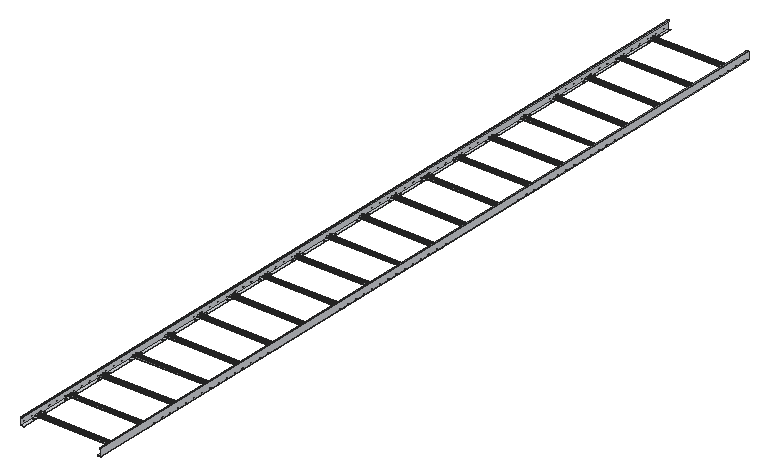
Revit family "Kabelleiter,Sprosse gelocht, geschweißt-LCIS 660 6 FS,FT,A2,A4", category Generic Models, Revit 2017 (continued)
Automatic sketch dimensions
  Extrusion 190 sketch curve to plane 321 = 5.5 mm
  Extrusion 190 sketch curve to plane 322 = 3.479 mm
  Extrusion 190 sketch curve to plane 323 = 5.5 mm
  Extrusion 190 sketch curve to plane 324 = 3.5 mm
  Extrusion 190 sketch curve to plane 325 = 5.5 mm
  Extrusion 190 sketch curve to plane 326 = 5.5 mm
  Extrusion 190 sketch curve to plane 327 = 3.5 mm
  Extrusion 190 sketch curve to plane 328 = 3.48 mm
  Extrusion 190 sketch curve to plane 329 = 5.5 mm
  plane 329 to Extrusion 190 sketch curve = 5 mm  (x2)
  Extrusion 190 sketch curve to plane 330 = 5.5 mm
  Extrusion 190 sketch curve to plane 331 = 3.5 mm
  Extrusion 190 sketch curve to plane 332 = 5.5 mm
  Extrusion 190 sketch curve to plane 333 = 3.5 mm
  Extrusion 190 sketch curve to plane 334 = 5.5 mm
  Extrusion 190 sketch curve to Extrusion 190 sketch curve = 0.53 mm
  Extrusion 190 sketch curve to plane 341 = 5.5 mm
  Extrusion 190 sketch curve to plane 340 = 3.5 mm
  Extrusion 190 sketch curve to plane 339 = 5.5 mm
  Extrusion 190 sketch curve to plane 338 = 3.5 mm
  Extrusion 190 sketch curve to Extrusion 190 sketch curve = 0.513 mm
  Extrusion 190 sketch curve to plane 337 = 5.5 mm
  Extrusion 190 sketch curve to plane 315 = 7.96 mm  (x24)
  Extrusion 190 sketch curve to plane 315 = 1.5 mm
  plane 315 to Extrusion 190 sketch curve = 1.5 mm
  plane 315 to Extrusion 190 sketch curve = 7.5 mm  (x24)
  plane 316 to Extrusion 190 sketch curve = 4.5 mm
  Extrusion 190 sketch curve to Extrusion 190 sketch curve = 11 mm
  Extrusion 191 sketch curve to Extrusion 191 sketch curve = 1.5 mm  (x5)
  Extrusion 191 sketch curve to Extrusion 191 sketch curve = 0.2 mm  (x7)
  Extrusion 191 sketch curve to Extrusion 191 sketch curve = 0 mm
  Extrusion 191 sketch curve to Extrusion 191 sketch curve = 6.015 mm
  Extrusion 191 sketch curve to Extrusion 191 sketch curve = 6.732 mm
  Extrusion 191 sketch curve to Extrusion 191 sketch curve = 6.57 mm
  Extrusion 192 sketch curve to plane 362 = 0 mm
  Extrusion 192 sketch curve to Extrusion 192 sketch curve = 0.5 mm  (x96)
  Extrusion 192 sketch curve to Extrusion 192 sketch curve = 0.529 mm
  Extrusion 192 sketch curve to plane 344 = 3.467 mm
  Extrusion 192 sketch curve to plane 345 = 5.5 mm
  Extrusion 192 sketch curve to plane 346 = 3.5 mm
  Extrusion 192 sketch curve to plane 347 = 5.5 mm
  Extrusion 192 sketch curve to plane 348 = 5.5 mm
  Extrusion 192 sketch curve to plane 349 = 3.479 mm
  Extrusion 192 sketch curve to plane 350 = 5.5 mm
  Extrusion 192 sketch curve to plane 351 = 3.5 mm
  Extrusion 192 sketch curve to plane 352 = 5.5 mm
  Extrusion 192 sketch curve to plane 353 = 5.5 mm
  Extrusion 192 sketch curve to plane 354 = 3.5 mm
  Extrusion 192 sketch curve to plane 355 = 3.48 mm
  Extrusion 192 sketch curve to plane 356 = 5.5 mm
  plane 356 to Extrusion 192 sketch curve = 5 mm  (x2)
  Extrusion 192 sketch curve to plane 357 = 5.5 mm
  Extrusion 192 sketch curve to plane 358 = 3.5 mm
  Extrusion 192 sketch curve to plane 359 = 5.5 mm
  Extrusion 192 sketch curve to plane 360 = 3.5 mm
  Extrusion 192 sketch curve to plane 361 = 5.5 mm
  Extrusion 192 sketch curve to Extrusion 192 sketch curve = 0.53 mm
  Extrusion 192 sketch curve to plane 368 = 5.5 mm
  Extrusion 192 sketch curve to plane 367 = 3.5 mm
  Extrusion 192 sketch curve to plane 366 = 5.5 mm
  Extrusion 192 sketch curve to plane 365 = 3.5 mm
  Extrusion 192 sketch curve to Extrusion 192 sketch curve = 0.513 mm
  Extrusion 192 sketch curve to plane 364 = 5.5 mm
  Extrusion 192 sketch curve to plane 342 = 7.96 mm  (x24)
  Extrusion 192 sketch curve to plane 342 = 1.5 mm
  plane 342 to Extrusion 192 sketch curve = 1.5 mm
  plane 342 to Extrusion 192 sketch curve = 7.5 mm  (x24)
  plane 343 to Extrusion 192 sketch curve = 4.5 mm
  Extrusion 192 sketch curve to Extrusion 192 sketch curve = 11 mm
  Extrusion 193 sketch curve to Extrusion 193 sketch curve = 1.5 mm  (x5)
  Extrusion 193 sketch curve to Extrusion 193 sketch curve = 0.2 mm  (x7)
  Extrusion 193 sketch curve to Extrusion 193 sketch curve = 0 mm
  Extrusion 193 sketch curve to Extrusion 193 sketch curve = 6.015 mm
  Extrusion 193 sketch curve to Extrusion 193 sketch curve = 6.732 mm
  Extrusion 193 sketch curve to Extrusion 193 sketch curve = 6.57 mm
  Extrusion 194 sketch curve to plane 389 = 0 mm
  Extrusion 194 sketch curve to Extrusion 194 sketch curve = 0.5 mm  (x96)
  Extrusion 194 sketch curve to Extrusion 194 sketch curve = 0.529 mm
  Extrusion 194 sketch curve to plane 371 = 3.467 mm
  Extrusion 194 sketch curve to plane 372 = 5.5 mm
  Extrusion 194 sketch curve to plane 373 = 3.5 mm
  Extrusion 194 sketch curve to plane 374 = 5.5 mm
  Extrusion 194 sketch curve to plane 375 = 5.5 mm
  Extrusion 194 sketch curve to plane 376 = 3.479 mm
  Extrusion 194 sketch curve to plane 377 = 5.5 mm
  Extrusion 194 sketch curve to plane 378 = 3.5 mm
  Extrusion 194 sketch curve to plane 379 = 5.5 mm
  Extrusion 194 sketch curve to plane 380 = 5.5 mm
  Extrusion 194 sketch curve to plane 381 = 3.5 mm
  Extrusion 194 sketch curve to plane 382 = 3.48 mm
  Extrusion 194 sketch curve to plane 383 = 5.5 mm
  plane 383 to Extrusion 194 sketch curve = 5 mm  (x2)
  Extrusion 194 sketch curve to plane 384 = 5.5 mm
  Extrusion 194 sketch curve to plane 385 = 3.5 mm
  Extrusion 194 sketch curve to plane 386 = 5.5 mm
  Extrusion 194 sketch curve to plane 387 = 3.5 mm
  Extrusion 194 sketch curve to plane 388 = 5.5 mm
  Extrusion 194 sketch curve to Extrusion 194 sketch curve = 0.53 mm
  Extrusion 194 sketch curve to plane 395 = 5.5 mm
  Extrusion 194 sketch curve to plane 394 = 3.5 mm
  Extrusion 194 sketch curve to plane 393 = 5.5 mm
  Extrusion 194 sketch curve to plane 392 = 3.5 mm
  Extrusion 194 sketch curve to Extrusion 194 sketch curve = 0.513 mm
  Extrusion 194 sketch curve to plane 391 = 5.5 mm
  Extrusion 194 sketch curve to plane 369 = 7.96 mm  (x24)
  Extrusion 194 sketch curve to plane 369 = 1.5 mm
  plane 369 to Extrusion 194 sketch curve = 1.5 mm
  plane 369 to Extrusion 194 sketch curve = 7.5 mm  (x24)
  plane 370 to Extrusion 194 sketch curve = 4.5 mm
  Extrusion 194 sketch curve to Extrusion 194 sketch curve = 11 mm
  Extrusion 195 sketch curve to Extrusion 195 sketch curve = 1.5 mm  (x5)
  Extrusion 195 sketch curve to Extrusion 195 sketch curve = 0.2 mm  (x7)
  Extrusion 195 sketch curve to Extrusion 195 sketch curve = 0 mm
  Extrusion 195 sketch curve to Extrusion 195 sketch curve = 6.015 mm
  Extrusion 195 sketch curve to Extrusion 195 sketch curve = 6.732 mm
  Extrusion 195 sketch curve to Extrusion 195 sketch curve = 6.57 mm
  Extrusion 196 sketch curve to plane 416 = 0 mm
  Extrusion 196 sketch curve to Extrusion 196 sketch curve = 0.5 mm  (x96)
  Extrusion 196 sketch curve to Extrusion 196 sketch curve = 0.529 mm
  Extrusion 196 sketch curve to plane 398 = 3.467 mm
  Extrusion 196 sketch curve to plane 399 = 5.5 mm
  Extrusion 196 sketch curve to plane 400 = 3.5 mm
  Extrusion 196 sketch curve to plane 401 = 5.5 mm
  Extrusion 196 sketch curve to plane 402 = 5.5 mm
  Extrusion 196 sketch curve to plane 403 = 3.479 mm
  Extrusion 196 sketch curve to plane 404 = 5.5 mm
  Extrusion 196 sketch curve to plane 405 = 3.5 mm
  Extrusion 196 sketch curve to plane 406 = 5.5 mm
  Extrusion 196 sketch curve to plane 407 = 5.5 mm
  Extrusion 196 sketch curve to plane 408 = 3.5 mm
  Extrusion 196 sketch curve to plane 409 = 3.48 mm
  Extrusion 196 sketch curve to plane 410 = 5.5 mm
  plane 410 to Extrusion 196 sketch curve = 5 mm  (x2)
  Extrusion 196 sketch curve to plane 411 = 5.5 mm
  Extrusion 196 sketch curve to plane 412 = 3.5 mm
  Extrusion 196 sketch curve to plane 413 = 5.5 mm
  Extrusion 196 sketch curve to plane 414 = 3.5 mm
  Extrusion 196 sketch curve to plane 415 = 5.5 mm
  Extrusion 196 sketch curve to Extrusion 196 sketch curve = 0.53 mm
  Extrusion 196 sketch curve to plane 422 = 5.5 mm
  Extrusion 196 sketch curve to plane 421 = 3.5 mm
  Extrusion 196 sketch curve to plane 420 = 5.5 mm
  Extrusion 196 sketch curve to plane 419 = 3.5 mm
  Extrusion 196 sketch curve to Extrusion 196 sketch curve = 0.513 mm
  Extrusion 196 sketch curve to plane 418 = 5.5 mm
  Extrusion 196 sketch curve to plane 396 = 7.96 mm  (x24)
  Extrusion 196 sketch curve to plane 396 = 1.5 mm
  plane 396 to Extrusion 196 sketch curve = 1.5 mm
  plane 396 to Extrusion 196 sketch curve = 7.5 mm  (x24)
  plane 397 to Extrusion 196 sketch curve = 4.5 mm
  Extrusion 196 sketch curve to Extrusion 196 sketch curve = 11 mm
  Extrusion 197 sketch curve to Extrusion 197 sketch curve = 1.5 mm  (x5)
  Extrusion 197 sketch curve to Extrusion 197 sketch curve = 0.2 mm  (x7)
  Extrusion 197 sketch curve to Extrusion 197 sketch curve = 0 mm
  Extrusion 197 sketch curve to Extrusion 197 sketch curve = 6.015 mm
  Extrusion 197 sketch curve to Extrusion 197 sketch curve = 6.732 mm
  Extrusion 197 sketch curve to Extrusion 197 sketch curve = 6.57 mm
  Extrusion 198 sketch curve to plane 443 = 0 mm
  Extrusion 198 sketch curve to Extrusion 198 sketch curve = 0.5 mm  (x96)
  Extrusion 198 sketch curve to Extrusion 198 sketch curve = 0.529 mm
  Extrusion 198 sketch curve to plane 425 = 3.467 mm
  Extrusion 198 sketch curve to plane 426 = 5.5 mm
  Extrusion 198 sketch curve to plane 427 = 3.5 mm
  Extrusion 198 sketch curve to plane 428 = 5.5 mm
  Extrusion 198 sketch curve to plane 429 = 5.5 mm
  Extrusion 198 sketch curve to plane 430 = 3.479 mm
  Extrusion 198 sketch curve to plane 431 = 5.5 mm
  Extrusion 198 sketch curve to plane 432 = 3.5 mm
  Extrusion 198 sketch curve to plane 433 = 5.5 mm
  Extrusion 198 sketch curve to plane 434 = 5.5 mm
  Extrusion 198 sketch curve to plane 435 = 3.5 mm
  Extrusion 198 sketch curve to plane 436 = 3.48 mm
  Extrusion 198 sketch curve to plane 437 = 5.5 mm
  plane 437 to Extrusion 198 sketch curve = 5 mm  (x2)
  Extrusion 198 sketch curve to plane 438 = 5.5 mm
  Extrusion 198 sketch curve to plane 439 = 3.5 mm
  Extrusion 198 sketch curve to plane 440 = 5.5 mm
  Extrusion 198 sketch curve to plane 441 = 3.5 mm
  Extrusion 198 sketch curve to plane 442 = 5.5 mm
  Extrusion 198 sketch curve to Extrusion 198 sketch curve = 0.53 mm
  Extrusion 198 sketch curve to plane 449 = 5.5 mm
  Extrusion 198 sketch curve to plane 448 = 3.5 mm
  Extrusion 198 sketch curve to plane 447 = 5.5 mm
  Extrusion 198 sketch curve to plane 446 = 3.5 mm
  Extrusion 198 sketch curve to Extrusion 198 sketch curve = 0.513 mm
  Extrusion 198 sketch curve to plane 445 = 5.5 mm
  Extrusion 198 sketch curve to plane 423 = 7.96 mm  (x24)
  Extrusion 198 sketch curve to plane 423 = 1.5 mm
  plane 423 to Extrusion 198 sketch curve = 1.5 mm
  plane 423 to Extrusion 198 sketch curve = 7.5 mm  (x24)
  plane 424 to Extrusion 198 sketch curve = 4.5 mm
  Extrusion 198 sketch curve to Extrusion 198 sketch curve = 11 mm
  Extrusion 199 sketch curve to Extrusion 199 sketch curve = 1.5 mm  (x5)
  Extrusion 199 sketch curve to Extrusion 199 sketch curve = 0.2 mm  (x7)
  Extrusion 199 sketch curve to Extrusion 199 sketch curve = 0 mm
  Extrusion 199 sketch curve to Extrusion 199 sketch curve = 6.015 mm
  Extrusion 199 sketch curve to Extrusion 199 sketch curve = 6.732 mm
  Extrusion 199 sketch curve to Extrusion 199 sketch curve = 6.57 mm
  Extrusion 200 sketch curve to plane 470 = 0 mm
  Extrusion 200 sketch curve to Extrusion 200 sketch curve = 0.5 mm  (x96)
  Extrusion 200 sketch curve to Extrusion 200 sketch curve = 0.529 mm
  Extrusion 200 sketch curve to plane 452 = 3.467 mm
  Extrusion 200 sketch curve to plane 453 = 5.5 mm
  Extrusion 200 sketch curve to plane 454 = 3.5 mm
  Extrusion 200 sketch curve to plane 455 = 5.5 mm
  Extrusion 200 sketch curve to plane 456 = 5.5 mm
  Extrusion 200 sketch curve to plane 457 = 3.479 mm
  Extrusion 200 sketch curve to plane 458 = 5.5 mm
  Extrusion 200 sketch curve to plane 459 = 3.5 mm
  Extrusion 200 sketch curve to plane 460 = 5.5 mm
  Extrusion 200 sketch curve to plane 461 = 5.5 mm
  Extrusion 200 sketch curve to plane 462 = 3.5 mm
  Extrusion 200 sketch curve to plane 463 = 3.48 mm
  Extrusion 200 sketch curve to plane 464 = 5.5 mm
  plane 464 to Extrusion 200 sketch curve = 5 mm  (x2)
  Extrusion 200 sketch curve to plane 465 = 5.5 mm
  Extrusion 200 sketch curve to plane 466 = 3.5 mm
  Extrusion 200 sketch curve to plane 467 = 5.5 mm
  Extrusion 200 sketch curve to plane 468 = 3.5 mm
  Extrusion 200 sketch curve to plane 469 = 5.5 mm
  Extrusion 200 sketch curve to Extrusion 200 sketch curve = 0.53 mm
  Extrusion 200 sketch curve to plane 476 = 5.5 mm
  Extrusion 200 sketch curve to plane 475 = 3.5 mm
  Extrusion 200 sketch curve to plane 474 = 5.5 mm
  Extrusion 200 sketch curve to plane 473 = 3.5 mm
  Extrusion 200 sketch curve to Extrusion 200 sketch curve = 0.513 mm
  Extrusion 200 sketch curve to plane 472 = 5.5 mm
  Extrusion 200 sketch curve to plane 450 = 7.96 mm  (x24)
  Extrusion 200 sketch curve to plane 450 = 1.5 mm
  plane 450 to Extrusion 200 sketch curve = 1.5 mm
  plane 450 to Extrusion 200 sketch curve = 7.5 mm  (x24)
  plane 451 to Extrusion 200 sketch curve = 4.5 mm
  Extrusion 200 sketch curve to Extrusion 200 sketch curve = 11 mm
  Extrusion 201 sketch curve to Extrusion 201 sketch curve = 1.5 mm  (x5)
  Extrusion 201 sketch curve to Extrusion 201 sketch curve = 0.2 mm  (x7)
  Extrusion 201 sketch curve to Extrusion 201 sketch curve = 0 mm
  Extrusion 201 sketch curve to Extrusion 201 sketch curve = 6.015 mm
  Extrusion 201 sketch curve to Extrusion 201 sketch curve = 6.732 mm
  Extrusion 201 sketch curve to Extrusion 201 sketch curve = 6.57 mm
  Extrusion 202 sketch curve to plane 497 = 0 mm
  Extrusion 202 sketch curve to Extrusion 202 sketch curve = 0.5 mm  (x96)
  Extrusion 202 sketch curve to Extrusion 202 sketch curve = 0.529 mm
  Extrusion 202 sketch curve to plane 479 = 3.467 mm
  Extrusion 202 sketch curve to plane 480 = 5.5 mm
  Extrusion 202 sketch curve to plane 481 = 3.5 mm
  Extrusion 202 sketch curve to plane 482 = 5.5 mm
  Extrusion 202 sketch curve to plane 483 = 5.5 mm
  Extrusion 202 sketch curve to plane 484 = 3.479 mm
  Extrusion 202 sketch curve to plane 485 = 5.5 mm
  Extrusion 202 sketch curve to plane 486 = 3.5 mm
  Extrusion 202 sketch curve to plane 487 = 5.5 mm
  Extrusion 202 sketch curve to plane 488 = 5.5 mm
  Extrusion 202 sketch curve to plane 489 = 3.5 mm
  Extrusion 202 sketch curve to plane 490 = 3.48 mm
  Extrusion 202 sketch curve to plane 491 = 5.5 mm
  plane 491 to Extrusion 202 sketch curve = 5 mm  (x2)
  Extrusion 202 sketch curve to plane 492 = 5.5 mm
  Extrusion 202 sketch curve to plane 493 = 3.5 mm
  Extrusion 202 sketch curve to plane 494 = 5.5 mm
  Extrusion 202 sketch curve to plane 495 = 3.5 mm
  Extrusion 202 sketch curve to plane 496 = 5.5 mm
  Extrusion 202 sketch curve to Extrusion 202 sketch curve = 0.53 mm
  Extrusion 202 sketch curve to plane 503 = 5.5 mm
  Extrusion 202 sketch curve to plane 502 = 3.5 mm
  Extrusion 202 sketch curve to plane 501 = 5.5 mm
  Extrusion 202 sketch curve to plane 500 = 3.5 mm
  Extrusion 202 sketch curve to Extrusion 202 sketch curve = 0.513 mm
  Extrusion 202 sketch curve to plane 499 = 5.5 mm
  Extrusion 202 sketch curve to plane 477 = 7.96 mm  (x24)
  Extrusion 202 sketch curve to plane 477 = 1.5 mm
  plane 477 to Extrusion 202 sketch curve = 1.5 mm
  plane 477 to Extrusion 202 sketch curve = 7.5 mm  (x24)
  plane 478 to Extrusion 202 sketch curve = 4.5 mm
  Extrusion 202 sketch curve to Extrusion 202 sketch curve = 11 mm
  Extrusion 203 sketch curve to Extrusion 203 sketch curve = 1.5 mm  (x5)
  Extrusion 203 sketch curve to Extrusion 203 sketch curve = 0.2 mm  (x7)
  Extrusion 203 sketch curve to Extrusion 203 sketch curve = 0 mm
  Extrusion 203 sketch curve to Extrusion 203 sketch curve = 6.015 mm
  Extrusion 203 sketch curve to Extrusion 203 sketch curve = 6.732 mm
  Extrusion 203 sketch curve to Extrusion 203 sketch curve = 6.57 mm
  Extrusion 204 sketch curve to plane 524 = 0 mm
  Extrusion 204 sketch curve to Extrusion 204 sketch curve = 0.5 mm  (x96)
  Extrusion 204 sketch curve to Extrusion 204 sketch curve = 0.529 mm
  Extrusion 204 sketch curve to plane 506 = 3.467 mm
  Extrusion 204 sketch curve to plane 507 = 5.5 mm
  Extrusion 204 sketch curve to plane 508 = 3.5 mm
  Extrusion 204 sketch curve to plane 509 = 5.5 mm
  Extrusion 204 sketch curve to plane 510 = 5.5 mm
  Extrusion 204 sketch curve to plane 511 = 3.479 mm
  Extrusion 204 sketch curve to plane 512 = 5.5 mm
  Extrusion 204 sketch curve to plane 513 = 3.5 mm
  Extrusion 204 sketch curve to plane 514 = 5.5 mm
  Extrusion 204 sketch curve to plane 515 = 5.5 mm
  Extrusion 204 sketch curve to plane 516 = 3.5 mm
  Extrusion 204 sketch curve to plane 517 = 3.48 mm
  Extrusion 204 sketch curve to plane 518 = 5.5 mm
  plane 518 to Extrusion 204 sketch curve = 5 mm  (x2)
  Extrusion 204 sketch curve to plane 519 = 5.5 mm
  Extrusion 204 sketch curve to plane 520 = 3.5 mm
  Extrusion 204 sketch curve to plane 521 = 5.5 mm
  Extrusion 204 sketch curve to plane 522 = 3.5 mm
  Extrusion 204 sketch curve to plane 523 = 5.5 mm
  Extrusion 204 sketch curve to Extrusion 204 sketch curve = 0.53 mm
  Extrusion 204 sketch curve to plane 530 = 5.5 mm
  Extrusion 204 sketch curve to plane 529 = 3.5 mm
  Extrusion 204 sketch curve to plane 528 = 5.5 mm
  Extrusion 204 sketch curve to plane 527 = 3.5 mm
  Extrusion 204 sketch curve to Extrusion 204 sketch curve = 0.513 mm
  Extrusion 204 sketch curve to plane 526 = 5.5 mm
  Extrusion 204 sketch curve to plane 504 = 7.96 mm  (x24)
  Extrusion 204 sketch curve to plane 504 = 1.5 mm
  plane 504 to Extrusion 204 sketch curve = 1.5 mm
  plane 504 to Extrusion 204 sketch curve = 7.5 mm  (x24)
  plane 505 to Extrusion 204 sketch curve = 4.5 mm
  Extrusion 204 sketch curve to Extrusion 204 sketch curve = 11 mm
  Extrusion 205 sketch curve to Extrusion 205 sketch curve = 1.5 mm  (x5)
  Extrusion 205 sketch curve to Extrusion 205 sketch curve = 0.2 mm  (x7)
  Extrusion 205 sketch curve to Extrusion 205 sketch curve = 0 mm
  Extrusion 205 sketch curve to Extrusion 205 sketch curve = 6.015 mm
  Extrusion 205 sketch curve to Extrusion 205 sketch curve = 6.732 mm
  Extrusion 205 sketch curve to Extrusion 205 sketch curve = 6.57 mm
  Extrusion 206 sketch curve to plane 551 = 0 mm
  Extrusion 206 sketch curve to Extrusion 206 sketch curve = 0.5 mm  (x96)
  Extrusion 206 sketch curve to Extrusion 206 sketch curve = 0.529 mm
  Extrusion 206 sketch curve to plane 533 = 3.467 mm
  Extrusion 206 sketch curve to plane 534 = 5.5 mm
  Extrusion 206 sketch curve to plane 535 = 3.5 mm
  Extrusion 206 sketch curve to plane 536 = 5.5 mm
  Extrusion 206 sketch curve to plane 537 = 5.5 mm
  Extrusion 206 sketch curve to plane 538 = 3.479 mm
  Extrusion 206 sketch curve to plane 539 = 5.5 mm
  Extrusion 206 sketch curve to plane 540 = 3.5 mm
  Extrusion 206 sketch curve to plane 541 = 5.5 mm
  Extrusion 206 sketch curve to plane 542 = 5.5 mm
  Extrusion 206 sketch curve to plane 543 = 3.5 mm
  Extrusion 206 sketch curve to plane 544 = 3.48 mm
  Extrusion 206 sketch curve to plane 545 = 5.5 mm
  plane 545 to Extrusion 206 sketch curve = 5 mm  (x2)
  Extrusion 206 sketch curve to plane 546 = 5.5 mm
  Extrusion 206 sketch curve to plane 547 = 3.5 mm
  Extrusion 206 sketch curve to plane 548 = 5.5 mm
  Extrusion 206 sketch curve to plane 549 = 3.5 mm
  Extrusion 206 sketch curve to plane 550 = 5.5 mm
  Extrusion 206 sketch curve to Extrusion 206 sketch curve = 0.53 mm
  Extrusion 206 sketch curve to plane 557 = 5.5 mm
  Extrusion 206 sketch curve to plane 556 = 3.5 mm
  Extrusion 206 sketch curve to plane 555 = 5.5 mm
  Extrusion 206 sketch curve to plane 554 = 3.5 mm
  Extrusion 206 sketch curve to Extrusion 206 sketch curve = 0.513 mm
  Extrusion 206 sketch curve to plane 553 = 5.5 mm
  Extrusion 206 sketch curve to plane 531 = 7.96 mm  (x24)
  Extrusion 206 sketch curve to plane 531 = 1.5 mm
  plane 531 to Extrusion 206 sketch curve = 1.5 mm
  plane 531 to Extrusion 206 sketch curve = 7.5 mm  (x24)
  plane 532 to Extrusion 206 sketch curve = 4.5 mm
  Extrusion 206 sketch curve to Extrusion 206 sketch curve = 11 mm
  Extrusion 162 sketch curve to plane 9 = 0 mm
  Extrusion 162 sketch curve to plane 559 = 17.475 mm
  Extrusion 267 sketch curve to plane 564 = 0 mm
  Extrusion 267 sketch curve to plane 565 = 0 mm
  Extrusion 268 sketch curve to plane 566 = 0 mm
  Extrusion 268 sketch curve to plane 567 = 0 mm
  Extrusion 269 sketch curve to plane 568 = 0 mm
  Extrusion 269 sketch curve to plane 569 = 0 mm
  Extrusion 270 sketch curve to plane 570 = 0 mm
  Extrusion 270 sketch curve to plane 571 = 0 mm
  Extrusion 271 sketch curve to plane 572 = 0 mm
  Extrusion 271 sketch curve to plane 573 = 0 mm
  Extrusion 272 sketch curve to plane 574 = 0 mm
  Extrusion 272 sketch curve to plane 575 = 0 mm
  Extrusion 273 sketch curve to plane 576 = 0 mm
  Extrusion 273 sketch curve to plane 577 = 0 mm
  Extrusion 274 sketch curve to plane 578 = 0 mm
  Extrusion 274 sketch curve to plane 579 = 0 mm
  Extrusion 275 sketch curve to plane 580 = 0 mm
  Extrusion 275 sketch curve to plane 581 = 0 mm
  Extrusion 276 sketch curve to plane 582 = 0 mm
  Extrusion 276 sketch curve to plane 583 = 0 mm
  Extrusion 277 sketch curve to plane 584 = 0 mm
  Extrusion 277 sketch curve to plane 585 = 0 mm
  Extrusion 278 sketch curve to plane 586 = 0 mm
  Extrusion 278 sketch curve to plane 587 = 0 mm
  Extrusion 279 sketch curve to plane 588 = 0 mm
  Extrusion 279 sketch curve to plane 589 = 0 mm
  Extrusion 280 sketch curve to plane 590 = 0 mm
  Extrusion 280 sketch curve to plane 591 = 0 mm
  Extrusion 281 sketch curve to plane 592 = 0 mm
  Extrusion 281 sketch curve to plane 593 = 0 mm
  Extrusion 282 sketch curve to plane 594 = 0 mm
  Extrusion 282 sketch curve to plane 595 = 0 mm
  Extrusion 283 sketch curve to plane 596 = 0 mm
  Extrusion 283 sketch curve to plane 597 = 0 mm
  Extrusion 284 sketch curve to plane 598 = 0 mm
  Extrusion 284 sketch curve to plane 599 = 0 mm
  Extrusion 285 sketch curve to plane 600 = 0 mm
  Extrusion 285 sketch curve to plane 601 = 0 mm
  Extrusion 286 sketch curve to plane 602 = 0 mm
  Extrusion 286 sketch curve to plane 603 = 0 mm
  Extrusion 1 sketch curve to level = 0 mm  (x2)
  Extrusion 1 sketch curve to plane 5 = 0 mm  (x2)
  Extrusion 1 sketch curve to Extrusion 1 sketch curve = 1.5 mm  (x2)
  Extrusion 1 sketch curve to Extrusion 1 sketch curve = 0.7 mm  (x2)
  Extrusion 1 sketch curve to Extrusion 1 sketch curve = 0.3 mm  (x2)
  Extrusion 1 sketch curve to Extrusion 1 sketch curve = 0 mm  (x2)
  plane 561 to Extrusion 1 sketch curve = 9 mm
  Extrusion 1 sketch curve to Extrusion 1 sketch curve = 1 mm
  level to Extrusion 1 sketch curve = 1.384 mm
  plane 5 to Extrusion 1 sketch curve = 2.995 mm
  plane 5 to Extrusion 1 sketch curve = 3.001 mm
  Extrusion 1 sketch curve to Extrusion 1 sketch curve = 0.011 mm
  Extrusion 1 sketch curve to Extrusion 1 sketch curve = 0.018 mm
  radius of Extrusion 207 sketch curve = 4.5 mm
  radius of Extrusion 208 sketch curve = 4.5 mm
  radius of Extrusion 209 sketch curve = 4.5 mm
  radius of Extrusion 210 sketch curve = 4.5 mm
  radius of Extrusion 211 sketch curve = 4.5 mm
  radius of Extrusion 212 sketch curve = 4.5 mm
  radius of Extrusion 213 sketch curve = 4.5 mm
  radius of Extrusion 214 sketch curve = 4.5 mm
  radius of Extrusion 215 sketch curve = 4.5 mm
  radius of Extrusion 216 sketch curve = 4.5 mm
  radius of Extrusion 217 sketch curve = 4.5 mm
  radius of Extrusion 218 sketch curve = 4.5 mm
  radius of Extrusion 219 sketch curve = 4.5 mm
  radius of Extrusion 220 sketch curve = 4.5 mm
  radius of Extrusion 221 sketch curve = 4.5 mm
  radius of Extrusion 222 sketch curve = 4.5 mm
  radius of Extrusion 223 sketch curve = 4.5 mm
  radius of Extrusion 224 sketch curve = 4.5 mm
  radius of Extrusion 225 sketch curve = 4.5 mm
  radius of Extrusion 226 sketch curve = 4.5 mm
  radius of Extrusion 227 sketch curve = 4.5 mm
  radius of Extrusion 228 sketch curve = 4.5 mm
  radius of Extrusion 229 sketch curve = 4.5 mm
  radius of Extrusion 230 sketch curve = 4.5 mm
  radius of Extrusion 231 sketch curve = 4.5 mm
  radius of Extrusion 232 sketch curve = 4.5 mm
  radius of Extrusion 233 sketch curve = 4.5 mm
  radius of Extrusion 234 sketch curve = 4.5 mm
  radius of Extrusion 235 sketch curve = 4.5 mm
  radius of Extrusion 236 sketch curve = 4.5 mm
  radius of Extrusion 237 sketch curve = 4.5 mm
  radius of Extrusion 238 sketch curve = 4.5 mm
  radius of Extrusion 239 sketch curve = 4.5 mm
  radius of Extrusion 240 sketch curve = 4.5 mm
  radius of Extrusion 241 sketch curve = 4.5 mm
  radius of Extrusion 242 sketch curve = 4.5 mm
  radius of Extrusion 243 sketch curve = 4.5 mm
  radius of Extrusion 244 sketch curve = 4.5 mm
  radius of Extrusion 245 sketch curve = 4.5 mm
  radius of Extrusion 246 sketch curve = 4.5 mm
  radius of Extrusion 247 sketch curve = 4.5 mm
  radius of Extrusion 248 sketch curve = 4.5 mm
  radius of Extrusion 249 sketch curve = 4.5 mm
  radius of Extrusion 250 sketch curve = 4.5 mm
  radius of Extrusion 251 sketch curve = 4.5 mm
  radius of Extrusion 252 sketch curve = 4.5 mm
  radius of Extrusion 253 sketch curve = 4.5 mm
  radius of Extrusion 254 sketch curve = 4.5 mm
  radius of Extrusion 255 sketch curve = 4.5 mm
  radius of Extrusion 256 sketch curve = 4.5 mm
  radius of Extrusion 257 sketch curve = 4.5 mm
  radius of Extrusion 258 sketch curve = 4.5 mm
  radius of Extrusion 259 sketch curve = 4.5 mm
  radius of Extrusion 260 sketch curve = 4.5 mm
  radius of Extrusion 261 sketch curve = 4.5 mm
  radius of Extrusion 262 sketch curve = 4.5 mm
  radius of Extrusion 263 sketch curve = 4.5 mm
  radius of Extrusion 264 sketch curve = 4.5 mm
  radius of Extrusion 265 sketch curve = 4.5 mm
  radius of Extrusion 266 sketch curve = 4.5 mm
  radius of Extrusion 267 sketch curve = 4.5 mm
  radius of Extrusion 268 sketch curve = 4.5 mm
  radius of Extrusion 269 sketch curve = 4.5 mm
  radius of Extrusion 270 sketch curve = 4.5 mm
  radius of Extrusion 271 sketch curve = 4.5 mm
  radius of Extrusion 272 sketch curve = 4.5 mm
  radius of Extrusion 273 sketch curve = 4.5 mm
  radius of Extrusion 274 sketch curve = 4.5 mm
  radius of Extrusion 275 sketch curve = 4.5 mm
  radius of Extrusion 276 sketch curve = 4.5 mm
  radius of Extrusion 277 sketch curve = 4.5 mm
  radius of Extrusion 278 sketch curve = 4.5 mm
  radius of Extrusion 279 sketch curve = 4.5 mm
  radius of Extrusion 280 sketch curve = 4.5 mm
  radius of Extrusion 281 sketch curve = 4.5 mm
  radius of Extrusion 282 sketch curve = 4.5 mm
  radius of Extrusion 283 sketch curve = 4.5 mm
  radius of Extrusion 284 sketch curve = 4.5 mm
  radius of Extrusion 285 sketch curve = 4.5 mm
  radius of Extrusion 286 sketch curve = 4.5 mm
Types (5, lengths in mm): name | Material | Manufacturer Art.No. | GTIN | Article Type
  (no name) | Stainless steel, A4 | "6207210" | "4012196432004" | "LCIS 660 6 A4"
  LCIS 660 6 FT | Hot-dip galvanised | "6209651" | "4012196431847" | "LCIS 660 6 FT"
  LCIS 660 6 FS | Strip-galvanised | "6209638" | "4012196432080" | "LCIS 660 6 FS"
  LCIS 660 6 A2 | Stainless steel, A2 | "6207260" | "4012196431724" | "LCIS 660 6 A2"
  LCIS 660 6 A4 | Stainless steel, A4 | "6207210" | "4012196432004" | "LCIS 660 6 A4"
